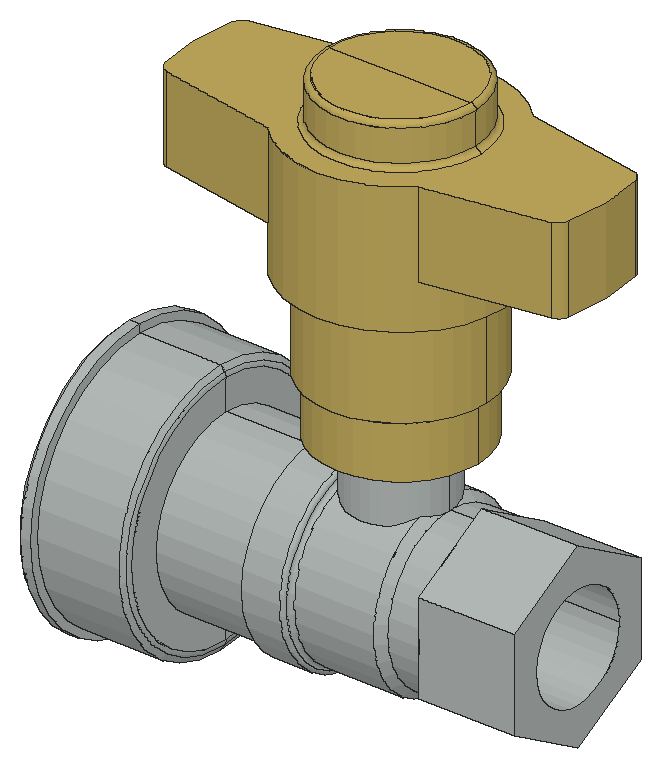
Revit family "QP07170000", category Apparecchi idraulici, Revit 2020
Family settings
  Quota connettore circolare = Usa diametro
  Tipo di parte = Normale
  Numero OmniClass = 23.45.00.00
  Titolo OmniClass = Sanitary, Laundry, and Cleaning Equipment
  Basato su piano di lavoro = No
  Sempre verticale = Sì
  Taglio con vuoti quando caricato = No
  Condiviso = No
  Punto di calcolo locali = No
Parameters
  URL = "https://web.cimberio.com/index.php/figura/1598?subcategoria_id="
  Temperatura di esercizio = ""
  Prospetto di default = 0 mm
  Produttore = "CIMBERIO SPA"
  Pressione nominale = "MOP 5"
  Modello = "Cim 116GLD"
  Materiale = "Prodotto in lega di ottone conforme alla norma EN 12165-CW617N-DW"
  Descrizione = "Utilizzato nell’impiantistica distributiva di gas a bassa pressione per le categorie:\r\nGas naturali: gas derivati dal petrolio (Metano) e gas di ricambio.\r\nGas di città: prodotti secondo i diversi procedimenti (Cracking - Cokerie - ecc.).\r\nGas liquidi: propano e miscele di gas propano/butano"
  DN Model [instance] = QP07172130 : QP07172130
  DN [instance] = 20 mm
  Commenti sul tipo = "Realizzato in ottemperanza ai requisiti gestionali della norma EN ISO 9001.\r\nCollaudato al 100% secondo la normativa EN 12266-1"
Reference planes
  plane 1 "Centro (Fronte/Retro)": y = 0
  plane 2: z = 0
  plane 3 "Centro (Sinistra/Destra)": x = 0
Dimensions and locks
  aligned and locked: level to plane 2
Nested families
  nested 1: "QP07172130" at (0, 0, 0), type <- "DN Model", type "QP07172130"
  nested 2: "QP07172130" at (0, 0, 0), type <- "DN Model", type "QP07172130"
Connectors
  piping at (-52.5, 0, 0), diameter 20, driven by "DN"
    settings: on nested 1, index 1, connector inside diameter 609.6 mm, connector length 0 mm, flow factor 0, pipe flow 0.0 L/s, pressure drop 0.0 Pa, fitting loss kfactor 0, connector angle 0.00°, fixture units 0, engagement length 0 mm, angle of deflection 0.00°, flow configuration 0, flow direction 0, fitting loss method 0, system type 7, joint type 0, gender type 0, connector reference index -1, connector utility 0, adjustable connector no, is connector primary yes, connector description ""
  piping at (34, 0, 0), diameter 20, driven by "DN"
    settings: on nested 1, index 2, connector inside diameter 609.6 mm, connector length 0 mm, flow factor 0, pipe flow 0.0 L/s, pressure drop 0.0 Pa, fitting loss kfactor 0, connector angle 0.00°, fixture units 0, engagement length 0 mm, angle of deflection 0.00°, flow configuration 0, flow direction 0, fitting loss method 0, system type 7, joint type 0, gender type 0, connector reference index -1, connector utility 0, adjustable connector no, is connector primary no, connector description ""
Definition of nested family "QP07172130"
  Parameters (values of type "QP07172130")
    URL = ""
    Temperatura di esercizio = ""
    Default Elevation = 0 mm
    Manufacturer = ""
    Pressione nominale = ""
    Model = ""
    Materiale = ""
    Description = ""
    Type Comments = ""
  Reference planes
    plane 1 "Centro (Fronte/Retro)": y = 0
    plane 2: z = 0
    plane 3 "Centro (Sinistra/Destra)": x = 0
  Forms (mm)
    Revolve 1, solid
      sketch origin (0, 0, 0) x (1, 0, 0) y (0, 0, 1)
        loop
          line (-16, -10) -> (-16, -18) -> (-8.797, -18)
          arc (-8.797, -18) -> (-8.249, -17.783) -> (-7.998, -17.25) r 0.8
          arc (-7.998, -17.25) -> (-7.748, -16.717) -> (-7.2, -16.5) r 0.8
          line (-7.2, -16.5) -> (8, -16.5) -> (9.5, -15) -> (15.538, -15) -> (15.538, -10) -> (-16, -10)
        axis (-16, 0) -> (15.538, 0)
      angle from 0 to 360
    Revolve 2, solid
      sketch origin (0, 0, 0) x (1, 0, 0) y (0, 0, 1)
        loop
          line (0, 25.9) -> (0, 13.997) -> (9.5, 13.997) -> (9.5, 23.425)
          arc (9.5, 23.425) -> (9.789, 23.893) -> (10, 24.4) r 3.447
          line (10, 24.4) -> (10, 25.9) -> (0, 25.9)
        axis (0, 25.9) -> (0, 13.997)
      angle from 0 to 360
    Revolve 3, solid
      sketch origin (0, 0, -1) x (1, 0, 0) y (0, 0, 1)
        loop
          line (0, 87.3) -> (0, 25.9) -> (15, 25.9) -> (15, 35.9) -> (16.5, 36.766) -> (16.5, 54.3) -> (19.924, 54.3) -> (19.924, 79.3) -> (15.5, 79.3)
          arc (15.5, 79.3) -> (14.793, 79.593) -> (14.5, 80.3) r 1
          line (14.5, 80.3) -> (14.5, 86.3)
          arc (14.5, 86.3) -> (14.207, 87.007) -> (13.5, 87.3) r 1
          line (13.5, 87.3) -> (0, 87.3)
        axis (0, 87.3) -> (0, 25.9)
      angle from 0 to 360
    Extrusion 4, solid
      sketch origin (0, 0, -1) x (1, 0, 0) y (0, 1, 0)
        loop
          arc (0, 14.467) -> (-18.572, 13.309) -> (-36.856, 9.852) r 149.5
          arc (-36.856, 9.852) -> (-38.047, 9.156) -> (-38.688, 7.934) r 2.5
          arc (-38.688, 7.934) -> (-39.5, -0.033) -> (-38.688, -8.001) r 39.5
          arc (-38.688, -8.001) -> (-38.047, -9.223) -> (-36.856, -9.919) r 2.5
          arc (-36.856, -9.919) -> (-18.572, -13.375) -> (0, -14.533) r 149.5
          arc (0, -14.533) -> (18.572, -13.375) -> (36.856, -9.919) r 149.5
          arc (36.856, -9.919) -> (38.047, -9.223) -> (38.688, -8.001) r 2.5
          arc (38.688, -8.001) -> (39.5, -0.033) -> (38.688, 7.934) r 39.5
          arc (38.688, 7.934) -> (38.047, 9.156) -> (36.856, 9.852) r 2.5
          arc (36.856, 9.852) -> (18.572, 13.309) -> (0, 14.467) r 149.5
      from 62.92 to 79.3
    Revolve 5, solid
      sketch origin (0, 0, 0) x (1, 0, 0) y (0, 0, 1)
        loop
          line (-33.634, 16.8) -> (-33.634, 10) -> (-16, 10) -> (-16, 16.8) -> (-33.634, 16.8)
        axis (-33.634, 0) -> (-16, 0)
      angle from 0 to 360
    Revolve 6, solid
      sketch origin (0, 0, 0) x (1, 0, 0) y (0, 0, 1)
        loop
          line (-52.5, 15) -> (-33.5, 15) -> (-33.5, 22.5)
          arc (-33.5, 22.5) -> (-33.564, 22.983) -> (-33.75, 23.433) r 1.867
          line (-33.75, 23.433) -> (-34.366, 24.5) -> (-50, 24.5) -> (-50, 26) -> (-51.883, 26) -> (-52.5, 25.5) -> (-52.5, 15)
        axis (-52.5, 0) -> (-33.5, 0)
      angle from 0 to 360
    Extrusion 7, solid
      sketch origin (0, 0, 0) x (0, 1, 0) y (0, 0, 1)
        loop
          circle (0, 0) r 10
        loop
          line (0, 17.35) -> (-15.026, 8.675) -> (-15.026, -8.675) -> (0, -17.35) -> (15.026, -8.675) -> (15.026, 8.675) -> (0, 17.35)
      from 15.538 to 34
  Cuts and joins
    joined: Revolve 3, Extrusion 4
  Dimensions and locks
    aligned and locked: level to plane 2
